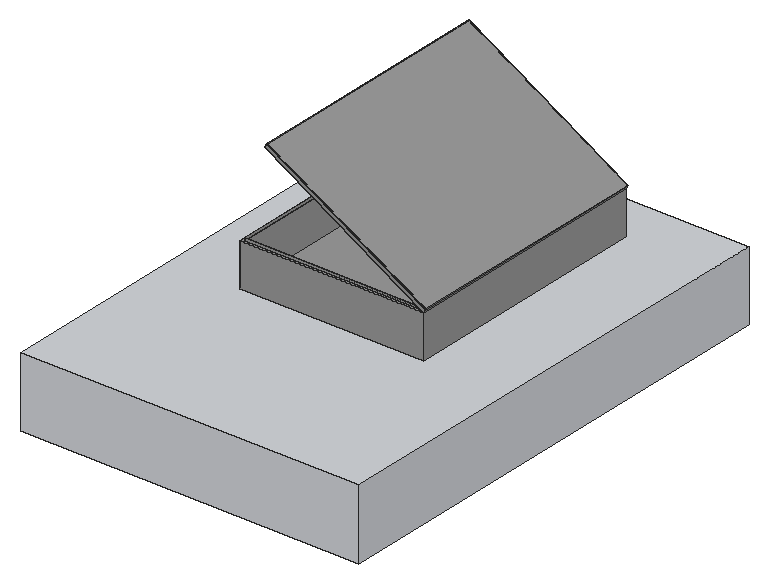
Revit family "Hager-Univers-IP44-D205-H1100-Cl.II-Encl-CH-en", category Equipement électrique, Revit 2020
Family settings
  Hôte = Face
  Configuration du panneau = Deux colonnes, circuits au sein
  Cote de connecteur circulaire = Utiliser le diamètre
  Type d'élément = Tableau de raccordement
  Couper avec des vides une fois chargée = Non
  Partagée = Non
  Point de calcul de pièce = Non
Parameters (values of type "Surface mounted (plaster) IP44 W800 H1100 D205  - FP73QS")
  Width Control [instance] = if([EF000008 - Width] > Min Width, [EF000008 - Width], Min Width)  # 800 mm
  Commentaires du type = [HG000003 - Range]  # "Univers"
  Thickness Door [instance] = if([EF009171 - Material plate thickness door/cover] > 3 mm, 3 mm, [EF009171 - Material plate thickness door/cover])  # 1 mm
  Seal Frame Offset [instance] = 17 mm  # constant formula
  Plinth Visibility [instance] = [HG000027 - Plinth height] > 0 mm  # no
  Model = ""
  Min Width [instance] = 100 mm  # constant formula
  Min Height [instance] = 100 mm  # constant formula
  Min Depth [instance] = (2 * [EF009170 - Material plate thickness cabinet]) + 1 mm  # 3 mm
  Internal Frame Depth [instance] = (Door System Depth * 0.5)  # 9 mm
  Height Control [instance] = if([EF000040 - Height] > Min Height, [EF000040 - Height], Min Height)  # 1100 mm
  HG000027 - Plinth height = 0 mm
  HG000026 - Floor standing = no
  HG000024 - Bottom section height = 800 mm
  HG000023 - Double section enclosure = no
  HG000016 - Door 3d visibility [instance] = yes
  HG000015 - Clearance visibility [instance] = no
  HG000014 - Door on the right [instance] = yes
  HG000013 - Door on the left [instance] = not([HG000014 - Door on the right])  # no
  HG000012 - Door swing angle [instance] = 30.00°
  HG000010 - Asymmetric doors = no
  HG000009 - Double swing door = no
  HG000006 - Flush mounted = no
  HG000004 - Manufacturer reference = "FP73QS"
  HG000003 - Range = "Univers"
  HG000002 - With door or cover = yes
  Frame Offset Bottom [instance] = 10 mm  # constant formula
  Frame Offset [instance] = 15 mm  # constant formula
  EF015940 - Cover with overpressure release = no
  EF011959 - Degree of protection (NEMA) = ""
  EF009554 - Number of openings for flange plates = 6
  EF009212 - Cover model = "EV000116 - Closed"
  EF009171 - Material plate thickness door/cover = 1 mm
  EF009170 - Material plate thickness cabinet = 1 mm
  Fabricant = "Hager"  # constant formula
  EF008873 - Nominal current (In) = 250 A
  EF007800 - Suitable for lightning protection = no
  EF006306 - With lock = no
  EF006244 - Transparent cover/door = no
  EF005474 - Degree of protection (IP) = "EV006418 - IP44"
  EF004464 - Type of door = "EV002646 - Single"
  EF004427 - Number of modules = 252
  EF004293 - Impact strength = "EV006815 - IK09"
  EF003532 - Suitable for outdoor use = no
  EF002950 - Width in number of modular spacings = 36
  EF001613 - Circuit integrity = "EV000494 - None"
  EF001596 - Material housing = "EV000179 - Steel"
  EF001131 - Internal depth = 143 mm
  EF001088 - Extension possible = yes
  EF000437 - Number of conduit inlets = 6
  EF000339 - Type of cover = "EV001012 - Cover"
  EF000266 - Number of rows = 7
  EF000218 - Built-in depth = 0 mm
  EF000118 - With mounting plate = no
  EF000116 - RAL-number = "9010"
  EF000049 - Depth = 205 mm
  EF000040 - Height = 1100 mm
  EF000008 - Width = 800 mm
  EF000007 - Colour = "EV000202 - White"
  EF000003 - Mounting method = "EV000384 - Surface mounted (plaster)"
  Door System Leaf Tolerance [instance] = 1.5 mm  # constant formula
  Door System Depth [instance] = 18 mm  # constant formula
  Door Height [instance] = Height Control - [HG000027 - Plinth height]  # 1100 mm
  Depth Control [instance] = if([EF000049 - Depth] > Min Depth, [EF000049 - Depth], Min Depth)  # 205 mm
  Default Elevation = 0 mm
  Connector Offset [instance] = Height Control / 2  # 550 mm
  Bottom Top Plate Trim [instance] = 1.5 mm  # constant formula
  Plinth height Ctrl [instance] = if([HG000027 - Plinth height] > 0 mm, [HG000027 - Plinth height], 12 mm)  # 12 mm
Types (5, lengths in mm): name | Width Control | HG000009 - Double swing door | HG000004 - Manufacturer reference | EF009554 - Number of openings for flange plates | EF004464 - Type of door | EF004427 - Number of modules | EF002950 - Width in number of modular spacings | EF000437 - Number of conduit inlets | EF000008 - Width
  Surface mounted (plaster) IP44 W1050 H1100 D205  - FP74QS | 1050 | yes | "FP74QS" | 8 | "EV003602 - Double" | 336 | 48 | 8 | 1050
  Surface mounted (plaster) IP44 W1300 H1100 D205  - FP75QS | 1300 | yes | "FP75QS" | 10 | "EV003602 - Double" | 420 | 60 | 10 | 1300
  Surface mounted (plaster) IP44 W300 H1100 D205  - FP71QS | 300 | no | "FP71QS" | 2 | "EV002646 - Single" | 84 | 12 | 2 | 300
  Surface mounted (plaster) IP44 W550 H1100 D205  - FP72QS | 550 | no | "FP72QS" | 4 | "EV002646 - Single" | 168 | 24 | 4 | 550
  Surface mounted (plaster) IP44 W800 H1100 D205  - FP73QS | 800 | no | "FP73QS" | 6 | "EV002646 - Single" | 252 | 36 | 6 | 800
Reference planes
  plane 1 "Center (Front/Back)": y = 0
  plane 2: z = 0
  plane 3 "Center (Left/Right)": x = 0
  plane 4: z = 205
  plane 5: y = 1
  plane 6: y = 550
  plane 7: y = 0
  plane 8: y = 1100
  plane 9: z = 0
  plane 10: x = -385
  plane 11: x = 385
  plane 12: x = 384
  plane 13: x = -384
  plane 14: y = 1099
  plane 15: x = -383
  plane 16: x = -400
  plane 17: x = 383
  plane 18: x = 400
  plane 19: x = 399
  plane 20: x = -399
  plane 21: y = 11
  plane 22: y = 1100
  plane 23: y = 1084
  plane 24: z = 187
  plane 25: z = 1
  plane 26: z = 186
  plane 27: z = 204
Forms (mm)
  Extrusion 1, solid
    sketch origin (0, 0, 0) x (1, 0, 0) y (0, 1, 0)
      loop
        line (-702.964, 1305) -> (-702.964, -811.445) -> (766.763, -811.445) -> (766.763, 1305) -> (-702.964, 1305)
    from 0 to -304.8
  Extrusion 2, solid, material "Hager_Steel_RAL7035_Light_Grey", visible <- "Plinth Visibility", detail levels medium+fine
    sketch origin (0, 0, 0) x (1, 0, 0) y (0, 1, 0)
      loop
        line (-400, 0) -> (400, 0) -> (400, 12) -> (-400, 12) -> (-400, 0)
    from 0 to 187
  Extrusion 3, solid, material "Hager_Steel_RAL7035_Light_Grey", detail levels medium+fine
    sketch origin (0, 0, 0) x (1, 0, 0) y (0, 1, 0)
      loop
        line (-400, 0) -> (400, 0) -> (400, 1100) -> (-400, 1100) -> (-400, 0)
    from 0 to 187
  Extrusion 4, void
    sketch origin (0, 0, 0) x (1, 0, 0) y (0, 1, 0)
      loop
        line (-399, 1) -> (399, 1) -> (399, 1099) -> (-399, 1099) -> (-399, 1)
    from 1 to 186
  Extrusion 5, void
    sketch origin (-381.607, -4572, 187) x (0, -1, 0) y (-1, 0, 0)
      loop
        line (-4583, 2.393) -> (-5656, 2.393) -> (-5656, -765.607) -> (-4583, -765.607) -> (-4583, 2.393)
    from 0 to 1 <- "EF009170 - Material plate thickness cabinet"
  Extrusion 6, solid, material "Hager_Steel_RAL7035_Light_Grey", detail levels fine
    sketch origin (0, 0, 187) x (1, 0, 0) y (0, 1, 0)
      loop
        line (-384, 1084) -> (-384, 11) -> (384, 11) -> (384, 1084) -> (-384, 1084)
      loop
        line (-385, 10) -> (385, 10) -> (385, 1085) -> (-385, 1085) -> (-385, 10)
    from 0 to 9 <- "Internal Frame Depth"
  Extrusion 7, solid, material "Hager_Steel_RAL7035_Light_Grey", detail levels coarse
    sketch origin (0, 0, 0) x (1, 0, 0) y (0, 1, 0)
      loop
        line (-400, 0) -> (400, 0) -> (400, 1100) -> (-400, 1100) -> (-400, 0)
    from 0 to 205
  Sweep 8, void
    path in 3D
      loop
        line (-400, 12, 0) -> (400, 12, 0) -> (400, 12, 187) -> (-400, 12, 187) -> (-400, 12, 0)
    profile origin (-400, 12, 93.5) x (-1, 0, 0) y (0, -1, 0)
      loop
        line (0, 0) -> (0, 1.5) -> (-1.5, 1.5)
        arc (-1.5, 1.5) -> (-1.061, 0.439) -> (0, 0) r 1.5
Cuts and joins
  Extrusion 4, Extrusion 5 cuts Extrusion 3
  Sweep 8 cuts Extrusion 2
Lines and regions (mm)
  Masking region 1
    outline origin (0, 0, 0) x (1, 0, 0) y (0, 0, 1)
      loop
        line (-400, 205) -> (-400, 0) -> (400, 0) -> (400, 205) -> (-400, 205)
  Masking region 2, detail levels medium+fine
    outline origin (0, 140, 0) x (0, 1, 0) y (0, 0, 1)
      loop
        line (-140, 0) -> (960, 0) -> (960, 187) -> (-140, 187) -> (-140, 0)
  Masking region 3, not visible, detail levels medium+fine
    outline origin (0, 297.922, 0) x (0, 1, 0) y (0, 0, 1)
      loop
        line (263.578, 0) -> (303.578, 0) -> (303.578, 194)
        arc (303.578, 194) -> (300.649, 201.071) -> (293.578, 204) r 10
        line (293.578, 204) -> (263.578, 204) -> (263.578, 0)
  Masking region 4, detail levels coarse
    outline origin (0, 0, 180) x (0, 1, 0) y (0, 0, 1)
      loop
        line (0, -180) -> (1100, -180) -> (1100, 25) -> (0, 25) -> (0, -180)
  Masking region 5, visible <- "Plinth Visibility", detail levels medium+fine
    outline origin (0, 52.24, 12.345) x (0, 0, -1) y (0, 1, 0)
      loop
        line (10.845, -40.24) -> (-173.155, -40.24)
        arc (-173.155, -40.24) -> (-173.594, -41.301) -> (-174.655, -41.74) r 1.5
        line (-174.655, -41.74) -> (-174.655, -52.24) -> (12.345, -52.24) -> (12.345, -41.74)
        arc (12.345, -41.74) -> (11.285, -41.301) -> (10.845, -40.24) r 1.5
  Masking region 6, detail levels medium+fine
    outline origin (-381.607, -4572, 187) x (-1, 0, 0) y (0, -1, 0)
      loop
        line (18.393, -5672) -> (18.393, -4572) -> (-781.607, -4572) -> (-781.607, -5672) -> (18.393, -5672)
  Masking region 7, visible <- "Plinth Visibility", detail levels medium+fine
    outline origin (-381.607, -4727, 187) x (-1, 0, 0) y (0, -1, 0)
      loop
        arc (16.893, -4739) -> (17.332, -4737.939) -> (18.393, -4737.5) r 1.5
        line (18.393, -4737.5) -> (18.393, -4727) -> (-781.607, -4727) -> (-781.607, -4737.5)
        arc (-781.607, -4737.5) -> (-780.546, -4737.939) -> (-780.107, -4739) r 1.5
        line (-780.107, -4739) -> (16.893, -4739)
  Masking region 8, detail levels coarse
    outline origin (-442.548, -4669.526, 187) x (-1, 0, 0) y (0, -1, 0)
      loop
        line (-42.548, -5769.526) -> (-42.548, -4669.526) -> (-842.548, -4669.526) -> (-842.548, -5769.526) -> (-42.548, -5769.526)
  sketch lines
    curve 1: line (-400, 12, 187) -> (-400, 12, 0)
    curve 2: line (400, 12, 187) -> (-400, 12, 187)
    curve 3: line (400, 12, 187) -> (400, 12, 0)
    curve 4: line (-400, 12, 0) -> (400, 12, 0)
Dimensions and locks
  "Depth Control": plane 4 to Extrusion 1
  "HG000027 - Plinth height": plane 1 "Center (Front/Back)" to plane 7
  "EF009170 - Material plate thickness cabinet": plane 5 to plane 7
  locked: connector elem to plane 3 "Center (Left/Right)"
  equal spacing: plane 8, plane 6, plane 7
  locked: connector elem to plane 6
  "EF009170 - Material plate thickness cabinet": plane 8 to plane 14
  "EF009170 - Material plate thickness cabinet": plane 10 to plane 13
  "EF009170 - Material plate thickness cabinet": plane 12 to plane 11
  "Frame Offset": plane 20 to plane 13
  "Frame Offset": plane 12 to plane 19
  "EF009170 - Material plate thickness cabinet": plane 16 to plane 20
  "EF009170 - Material plate thickness cabinet": plane 19 to plane 18
  "Seal Frame Offset": plane 16 to plane 15
  "Seal Frame Offset": plane 17 to plane 18
  "Frame Offset Bottom": plane 21 to plane 5
  "Frame Offset": plane 14 to plane 23
  equal spacing: plane 16, plane 3 "Center (Left/Right)", plane 18
  "Width Control": plane 16 to plane 18
  "EF009170 - Material plate thickness cabinet": plane 4 to plane 27
  "EF009170 - Material plate thickness cabinet": plane 24 to plane 26
  "EF009170 - Material plate thickness cabinet": plane 25 to level
  "Door System Depth": plane 4 to plane 24
  "Height Control": plane 1 "Center (Front/Back)" to Extrusion 7 sketch curve
  "Height Control": Masking region 4 sketch curve to plane 1 "Center (Front/Back)"
  "Height Control": plane 1 "Center (Front/Back)" to plane 22
  "Bottom Top Plate Trim": profile plane to Sweep 8 sketch curve
  "Bottom Top Plate Trim": Sweep 8 sketch curve to profile plane
  "Plinth height Ctrl": plane 1 "Center (Front/Back)" to Extrusion 2 sketch curve
  "Plinth height Ctrl": Masking region 5 sketch curve to plane 1 "Center (Front/Back)"
  "Plinth height Ctrl": plane 1 "Center (Front/Back)" to Masking region 7 sketch curve
  "Thickness Door": Extrusion 6 sketch curve to Extrusion 6 sketch curve  (x3)
  "Thickness Door": cut or joined group of Extrusion 3, Extrusion 4, Extrusion 5 to Extrusion 6 sketch curve
  radius of Masking region 3 sketch curve = 10 mm
  "Bottom Top Plate Trim": radius of Masking region 5 sketch curve  (x2)
  "Bottom Top Plate Trim": radius of Sweep 8 sketch curve
  "Bottom Top Plate Trim": radius of Masking region 7 sketch curve  (x2)
  aligned and locked: plane 2 to Extrusion 1
  aligned and locked: level to Extrusion 1
  aligned and locked: level to Masking region 1 sketch curve
  aligned and locked: Masking region 1 sketch curve to plane 18
  aligned and locked: Masking region 1 sketch curve to plane 16
  aligned and locked: plane 7 to Masking region 2 sketch curve
  aligned and locked: level to Masking region 3 sketch curve
  aligned and locked: Masking region 3 sketch curve to plane 27
  aligned and locked: level to Masking region 2 sketch curve
  aligned and locked: plane 1 "Center (Front/Back)" to Extrusion 2 sketch curve
  aligned and locked: Extrusion 3 sketch curve to plane 7
  aligned and locked: plane 16 to Extrusion 3 sketch curve
  aligned and locked: plane 18 to Extrusion 3 sketch curve
  aligned and locked: plane 20 to Extrusion 4 sketch curve
  aligned and locked: plane 19 to Extrusion 4 sketch curve
  aligned and locked: Extrusion 4 sketch curve to plane 5
  aligned and locked: Extrusion 4 to plane 25
  aligned and locked: plane 26 to Extrusion 4
  aligned and locked: plane 24 to Extrusion 3
  aligned and locked: Extrusion 5 sketch curve to plane 21
  aligned and locked: Extrusion 5 sketch curve to plane 13
  aligned and locked: Extrusion 5 sketch curve to plane 12
  aligned and locked: plane 18 to Extrusion 7 sketch curve
  aligned and locked: plane 1 "Center (Front/Back)" to Extrusion 7 sketch curve
  aligned and locked: plane 16 to Extrusion 7 sketch curve
  aligned and locked: plane 4 to Extrusion 7
  aligned and locked: Extrusion 7 to level
  aligned and locked: level to Masking region 4 sketch curve
  aligned and locked: Masking region 4 sketch curve to plane 1 "Center (Front/Back)"
  aligned and locked: Masking region 4 sketch curve to plane 4
  aligned and locked: nested 1 to level
  aligned and locked: nested 1 to plane 16
  aligned and locked: plane 8 to Extrusion 3 sketch curve
  aligned and locked: plane 23 to Extrusion 5 sketch curve
  aligned and locked: plane 14 to Extrusion 4 sketch curve
  aligned and locked: Masking region 2 sketch curve to plane 8
  aligned and locked: level to Masking region 5 sketch curve
  aligned and locked: plane 16 to Extrusion 2 sketch curve
  aligned and locked: plane 18 to Extrusion 2 sketch curve
  aligned and locked: Masking region 5 sketch curve to plane 24
  aligned and locked: Masking region 2 sketch curve to plane 24
  aligned and locked: plane 24 to Extrusion 2
  aligned and locked: profile plane to Sweep 8 sketch curve  (x2)
  aligned and locked: Masking region 6 sketch curve to plane 18
  aligned and locked: Masking region 6 sketch curve to plane 22
  aligned and locked: Masking region 6 sketch curve to plane 16
  aligned and locked: plane 8 to plane 22
  aligned and locked: Masking region 6 sketch curve to plane 7
  aligned and locked: Masking region 7 sketch curve to plane 16
  aligned and locked: Masking region 7 sketch curve to plane 1 "Center (Front/Back)"
  aligned and locked: Masking region 7 sketch curve to plane 18
  aligned and locked: Masking region 8 sketch curve to plane 1 "Center (Front/Back)"
  aligned and locked: Masking region 8 sketch curve to plane 18
  aligned and locked: Masking region 8 sketch curve to plane 22
  aligned and locked: Masking region 8 sketch curve to plane 16
  aligned and locked: nested 2 to plane 7
  aligned and locked: plane 3 "Center (Left/Right)" to nested 2
  aligned and locked: nested 2 to plane 24
  aligned and locked: Extrusion 6 sketch curve to cut or joined group of Extrusion 3, Extrusion 4, Extrusion 5  (x4)
Automatic sketch dimensions
  Extrusion 1 sketch curve to Extrusion 1 sketch curve = 1469.727 mm
  Extrusion 1 sketch curve to Extrusion 1 sketch curve = 2116.445 mm
  Masking region 1 sketch curve to plane 4 = 0 mm
  plane 6 to Masking region 3 sketch curve = 11.5 mm
  Masking region 3 sketch curve to Masking region 3 sketch curve = 30 mm
  Masking region 5 sketch curve to plane 1 "Center (Front/Back)" = 0 mm
Nested families
  nested 1: "Hager_Enclosure_Symbol" at (-400, 0, 0) x (1, 0, 0) z (0, -1, 0), Height <- "Depth Control", Width <- "Width Control", type "Hager_Enclosure_Symbol"
    with Width_Ctrl 800 mm, Width 800 mm, Height_Ctrl 205 mm, Height 205 mm, A_Width_Int 13.453 mm, A_Width 161.438 mm, A_Height_Ctrl 179.375 mm, A_Height 179.375 mm
  nested 2: "EC000058_Univers_Door" at (0, 0, 187) x (1, 0, 0) z (0, 1, 0), Leaf_Tolerance <- "Door System Leaf Tolerance", Angle <- "HG000012 - Door swing angle", Door_Depth <- "Door System Depth", Door_Left <- "HG000013 - Door on the left", Transparent <- "EF006244 - Transparent cover/door", Assymetrical <- "HG000010 - Asymmetric doors", Width <- "Width Control", Clearance <- "HG000015 - Clearance visibility", Double <- "HG000009 - Double swing door", 3d_Door <- "HG000016 - Door 3d visibility", Lock_Visibility <- "EF006306 - With lock", Width_Ctrl <- "Width Control", Door_Right <- "HG000014 - Door on the right", Door <- "HG000002 - With door or cover", Height <- "Door Height", Thickness <- "Thickness Door", type "EC000058_Univers_Door", detail levels medium+fine
    with min_wh 3 mm, Width_Ctrl 800 mm, Width 800 mm, Transparent no, Thickness 1 mm, Seal_Material Hager_Rubber, Lock_Visibility no, Lock_Material Hager_Plastic_RAL9005_Jet_Black, Leaf_Width 800 mm, Leaf_Tolerance_External_Sides 0 mm, Leaf_Tolerance 1.5 mm, Leaf_Offset 0 mm, Leaf_Height 1097 mm, Leaf_2_Width 800 mm, Leaf_2_Offset 400 mm, Leaf_1_Width 800 mm, Leaf_1_Offset 400 mm, Height_Ctrl 1100 mm, Height 1100 mm, Glass_Material Hager_Glass, Double_Clearance_Ctrl no, Double no, Door_Right_Ctrl yes, Door_Right yes, Door_Material Hager_Steel_RAL7035_Light_Grey, Door_Left_Ctrl no, Door_Left no, Door_Depth 18 mm, Door yes, Clearance_Material Hager_Clearance, Clearance_Depth 800 mm, Clearance_Ctrl no, Clearance no, Assymetrical no, Angle 30.00°, 3d_Door yes
Connectors
  electrical at (0, 550, 0)
    settings: on plane 9, index 1, voltage 0 V, apparent load 0 VA, apparent load phase1 0 VA, apparent load phase2 0 VA, apparent load phase3 0 VA, power factor 1, load classification "Other", number of poles 1, system type 30, power factor state 1, is connector primary yes, connector utility no, sub classification motor no, connector description ""
Definition of nested family "EC000058_Univers_Door"
  Parameters (values of type "EC000058_Univers_Door")
    min_wh [instance] = (2 * Thickness) + 1 mm  # 11 mm
    Width_Ctrl [instance] = 400 mm
    Width [instance] = 500 mm
    Transparent [instance] = yes
    Thickness [instance] = 5 mm
    Seal_Material [instance] = none
    Lock_Visibility [instance] = yes
    Lock_Material [instance] = none
    Leaf_Width [instance] = if((Width_Ctrl - 2 * Leaf_Tolerance_External_Sides) > 0 mm, (Width_Ctrl - 2 * Leaf_Tolerance_External_Sides), min_wh)  # 400 mm
    Leaf_Tolerance_External_Sides [instance] = 0 mm  # constant formula
    Leaf_Tolerance [instance] = 1.5 mm
    Leaf_Offset [instance] = 0 mm  # constant formula
    Leaf_Height [instance] = if((Height_Ctrl - 2 * Leaf_Tolerance) > 0 mm, (Height_Ctrl - 2 * Leaf_Tolerance), min_wh)  # 497 mm
    Leaf_2_Width [instance] = if(and(and(Double, Assymetrical), Door_Left), (Leaf_Width / 3) - (Leaf_Tolerance / 2), if(and(and(Double, Assymetrical), Door_Right), (Leaf_Width / 3) * 2 - (Leaf_Tolerance / 2), if(and(Double, not(Assymetrical)), (Leaf_Width / 2) - Leaf_Tolerance, Leaf_Width)))  # 400 mm
    Leaf_2_Offset [instance] = if(and(Double, Assymetrical), Leaf_2_Width / 2, if(and(Double, not(Assymetrical)), Leaf_Width / 4, Leaf_Width / 2))  # 200 mm
    Leaf_1_Width [instance] = if(and(and(Double, Assymetrical), Door_Right), (Leaf_Width / 3) - (Leaf_Tolerance / 2), if(and(and(Double, Assymetrical), Door_Left), (Width / 3) * 2 - (Leaf_Tolerance / 2), if(and(Double, not(Assymetrical)), (Leaf_Width / 2) - Leaf_Tolerance, Leaf_Width)))  # 400 mm
    Leaf_1_Offset [instance] = if(and(Double, Assymetrical), Leaf_1_Width / 2, if(and(Double, not(Assymetrical)), Leaf_Width / 4, Leaf_Width / 2))  # 200 mm
    Height_Ctrl [instance] = if(Height > min_wh, Height, min_wh)  # 500 mm
    Height [instance] = 500 mm
    Glass_Material [instance] = none
    Double_Clearance_Ctrl [instance] = and(Double, Clearance)  # no
    Double [instance] = no
    Door_Right_Ctrl [instance] = and(or(Door_Right, Double), Door)  # yes
    Door_Right [instance] = yes
    Door_Material [instance] = none
    Door_Left_Ctrl [instance] = and(or(Door_Left, Double), Door)  # no
    Door_Left [instance] = no
    Door_Depth [instance] = 30 mm
    Door [instance] = yes
    Default Elevation = 1219.2 mm
    Clearance_Material [instance] = none
    Clearance_Depth [instance] = if(Leaf_1_Width > Leaf_2_Width, Leaf_1_Width, Leaf_2_Width)  # 400 mm
    Clearance_Ctrl [instance] = and(not(Double), Clearance)  # yes
    Clearance [instance] = yes
    Assymetrical [instance] = yes
    Angle [instance] = 30.00°
    3d_Door [instance] = yes
  Reference planes
    plane 1 "Center (Front/Back)": y = 0
    plane 2 "Bottom": z = 0
    plane 3 "Center (Left/Right)": x = 0
    plane 4: z = 500
    plane 5: x = -200
    plane 6: x = 200
    plane 7: z = 500
    plane 8: x = -200
    plane 9: z = 0
    plane 10: x = 200
    plane 11: y = 0
    plane 12: z = 1.5
    plane 13: x = -600
    plane 14: y = -400
    plane 15: x = 600
    plane 16: x = 0
    plane 17: x = 0
    plane 18: x = -200
    plane 19: x = 200
    plane 20: z = 498.5
  Forms (mm)
    Extrusion 1, solid, material <- "Clearance_Material", visible <- "Double_Clearance_Ctrl"
      sketch origin (1200, 0, 0) x (1, 0, 0) y (0, 0, -1)
        loop
          line (-1800, -498.5) -> (-600, -498.5) -> (-600, 0) -> (-1800, 0) -> (-1800, -498.5)
      from 0 to -400
  Dimensions and locks
    equal spacing: plane 5, plane 3 "Center (Left/Right)", plane 6
    "Width_Ctrl": plane 5 to plane 6
    "Leaf_Offset": plane 5 to plane 8
    "Leaf_Offset": plane 6 to plane 10
    "Leaf_Offset": plane 9 to level
    "Leaf_Offset": plane 4 to plane 7
    "Height_Ctrl": plane 4 to level
    "Leaf_Tolerance": plane 12 to plane 9
    locked: plane 11 to plane 1 "Center (Front/Back)"
    "Leaf_1_Offset": plane 18 to plane 16
    "Leaf_2_Offset": plane 17 to plane 19
    "Leaf_1_Width": plane 13 to plane 8
    "Leaf_2_Width": plane 10 to plane 15
    "Clearance_Depth": plane 14 to plane 1 "Center (Front/Back)"
    "Leaf_Tolerance_External_Sides": plane 8 to plane 18
    "Leaf_Tolerance_External_Sides": plane 19 to plane 10
    "Leaf_Tolerance": plane 7 to plane 20
    aligned and locked: level to plane 2 "Bottom"
    aligned and locked: nested 1 to plane 16
    aligned and locked: nested 2 to plane 17
    aligned and locked: Extrusion 1 to plane 13
    aligned and locked: plane 15 to Extrusion 1
    aligned and locked: Extrusion 1 to plane 14
    aligned and locked: plane 12 to nested 1
    aligned and locked: nested 2 to plane 12
    aligned and locked: Extrusion 1 to plane 11
    aligned and locked: plane 20 to Extrusion 1
    aligned and locked: nested 2 to plane 11
    aligned and locked: nested 1 to plane 11
  Automatic sketch dimensions
    Extrusion 1 sketch curve to level = 0 mm
    plane 5 to Extrusion 1 sketch curve = 400 mm
    plane 6 to Extrusion 1 sketch curve = 400 mm
    Extrusion 1 sketch curve to plane 4 = 1.5 mm
  Nested families
    nested 1: "EC000058_Univers_Door_Leaf" at (0, 0, 1.5), Width <- "Leaf_1_Width", visible <- "Door_Left_Ctrl", Leaf_Height <- "Leaf_Height", Angle <- "Angle", 3d_Door <- "3d_Door", Transparent <- "Transparent", Clearance Material <- "Clearance_Material", Clearance <- "Clearance_Ctrl", Door_Material <- "Door_Material", Glass_Material <- "Glass_Material", Door_Depth <- "Door_Depth", Lock_Material <- "Lock_Material", Seal_Material <- "Seal_Material", Lock_Visibility <- "Lock_Visibility", Thickness <- "Thickness", type "EC000058_Univers_Door_Leaf"
      with Width 400 mm, Transparent_Glass_Offset 30 mm, Transparent_Ctrl yes, Transparent yes, Thickness 5 mm, Standard no, Seal_Material none, Seal_D2 8 mm, Seal_D1 1 mm, Offset_Internal_Frame 10 mm, Lock_Width 20 mm, Lock_Visibility_3d yes, Lock_Visibility yes, Lock_Thickness_3 3 mm, Lock_Thickness_2 1 mm, Lock_Thickness_1 3 mm, Lock_Radius_Offset_2 16 mm, Lock_Radius_Offset_1 15 mm, Lock_Radius_2 5 mm, Lock_Radius 6 mm, Lock_Offset 5 mm, Lock_Material none, Lock_Height 80 mm, Lock_Cover_Top_Offset_2d 17 mm, Lock_Cover_Height -65 mm, Leaf_Height 497 mm, Internal_Seal_Thickness 8 mm, Internal_Seal_Depth_2 4.5 mm, Internal_Frame_Depth 25 mm, Glass_Thickness -1 mm, Glass_Offset -2 mm, Glass_Material none, Door_Material none, Door_Depth 30 mm, Clearance Material none, Clearance yes, Angle_Ctrl 30.00°, Angle 30.00°, 3d_Door yes
    nested 2: "EC000058_Univers_Door_Leaf" at (0, 0, 1.5) x (-1, 0, 0) z (0, 0, 1), Width <- "Leaf_2_Width", visible <- "Door_Right_Ctrl", Leaf_Height <- "Leaf_Height", Angle <- "Angle", 3d_Door <- "3d_Door", Transparent <- "Transparent", Clearance Material <- "Clearance_Material", Clearance <- "Clearance_Ctrl", Door_Material <- "Door_Material", Glass_Material <- "Glass_Material", Door_Depth <- "Door_Depth", Lock_Material <- "Lock_Material", Seal_Material <- "Seal_Material", Lock_Visibility <- "Lock_Visibility", Thickness <- "Thickness", type "EC000058_Univers_Door_Leaf"
      with Width 400 mm, Transparent_Glass_Offset 30 mm, Transparent_Ctrl yes, Transparent yes, Thickness 5 mm, Standard no, Seal_Material none, Seal_D2 8 mm, Seal_D1 1 mm, Offset_Internal_Frame 10 mm, Lock_Width 20 mm, Lock_Visibility_3d yes, Lock_Visibility yes, Lock_Thickness_3 3 mm, Lock_Thickness_2 1 mm, Lock_Thickness_1 3 mm, Lock_Radius_Offset_2 16 mm, Lock_Radius_Offset_1 15 mm, Lock_Radius_2 5 mm, Lock_Radius 6 mm, Lock_Offset 5 mm, Lock_Material none, Lock_Height 80 mm, Lock_Cover_Top_Offset_2d 17 mm, Lock_Cover_Height -65 mm, Leaf_Height 497 mm, Internal_Seal_Thickness 8 mm, Internal_Seal_Depth_2 4.5 mm, Internal_Frame_Depth 25 mm, Glass_Thickness -1 mm, Glass_Offset -2 mm, Glass_Material none, Door_Material none, Door_Depth 30 mm, Clearance Material none, Clearance yes, Angle_Ctrl 30.00°, Angle 30.00°, 3d_Door yes
  Definition of nested family "EC000058_Univers_Door_Leaf"
    Parameters (values of type "EC000058_Univers_Door_Leaf")
      Width [instance] = 2000 mm
      Transparent_Glass_Offset [instance] = 30 mm
      Transparent_Ctrl [instance] = and(Transparent, [3d_Door])  # yes
      Transparent [instance] = yes
      Thickness [instance] = 5 mm
      Standard [instance] = and(not(Transparent), [3d_Door])  # no
      Seal_Material [instance] = none
      Seal_D2 [instance] = 8 mm  # constant formula
      Seal_D1 [instance] = 1 mm  # constant formula
      Offset_Internal_Frame [instance] = 10 mm  # constant formula
      Lock_Width [instance] = 20 mm  # constant formula
      Lock_Visibility_3d [instance] = and(Lock_Visibility, [3d_Door])  # yes
      Lock_Visibility [instance] = yes
      Lock_Thickness_3 [instance] = 3 mm  # constant formula
      Lock_Thickness_2 [instance] = 1 mm  # constant formula
      Lock_Thickness_1 [instance] = 3 mm  # constant formula
      Lock_Radius_Offset_2 [instance] = Lock_Radius_Offset_1 + 1 mm  # 16 mm
      Lock_Radius_Offset_1 [instance] = 15 mm  # constant formula
      Lock_Radius_2 [instance] = Lock_Radius - 1 mm  # 5 mm
      Lock_Radius [instance] = 6 mm  # constant formula
      Lock_Offset [instance] = 5 mm  # constant formula
      Lock_Material [instance] = none
      Lock_Height [instance] = 80 mm  # constant formula
      Lock_Cover_Top_Offset_2d [instance] = Lock_Radius_Offset_2 + 1 mm  # 17 mm
      Lock_Cover_Height [instance] = -(Lock_Height - Lock_Radius_Offset_1)  # -65 mm
      Leaf_Height [instance] = 2720.336 mm
      Internal_Seal_Thickness [instance] = 8 mm  # constant formula
      Internal_Seal_Depth_2 [instance] = 4.5 mm  # constant formula
      Internal_Frame_Depth [instance] = if(Door_Depth - Thickness > 5 mm, Door_Depth - Thickness, 5 mm)  # 25 mm
      Glass_Thickness [instance] = if(Thickness > 15 mm, Glass_Offset + 10 mm, -1 mm)  # -1 mm
      Glass_Offset [instance] = if(Thickness > 15 mm, -(Thickness + 10 mm) / 2, -2 mm)  # -2 mm
      Glass_Material [instance] = none
      Door_Material [instance] = none
      Door_Depth [instance] = 30 mm
      Default Elevation = 0 mm
      Clearance Material [instance] = none
      Clearance [instance] = yes
      Angle_Ctrl [instance] = if(Angle > 180.00°, 180.00°, Angle)  # 90.00°
      Angle [instance] = 90.00°
      3d_Door [instance] = yes
    Reference planes
      plane 1 "Center (Front/Back)": y = 0
      plane 2: z = 0
      plane 3 "Center (Left/Right)": x = 0
      plane 4: y = 2000
      plane 5: x = -1000
      plane 6: x = 1000
      plane 7: x = -3000
      plane 8: z = 2720.336
      plane 9: z = 30
      plane 10: z = 2690.336
      plane 11: x = 970
      plane 12: x = -970
      plane 13: y = -3
      plane 14: z = 107.833
      plane 15: y = -5
      plane 16: y = -223.314
      plane 17: x = -1000
      plane 18: z = 1360.168
      plane 19: y = 30
    Forms (mm)
      Extrusion 1, solid, material <- "Clearance Material", visible <- "Clearance"
        sketch origin (0, 0, 0) x (1, 0, 0) y (0, 0, 1)
          loop
            line (-3000, 2720.336) -> (-3000, 0) -> (1000, 0) -> (1000, 2720.336) -> (-3000, 2720.336)
        from 0 to -2000
      Extrusion 2, solid, material <- "Door_Material", visible <- "Standard", detail levels medium+fine
        sketch origin (-1000, 0, 0) x (0, 1, 0) y (-1, 0, 0)
          loop
            line (0, 30) -> (0, 25) -> (2000, 25) -> (2000, 30) -> (0, 30)
        from 0 to 2720.336 <- "Leaf_Height"
      Extrusion 3, solid, material <- "Door_Material", visible <- "Transparent_Ctrl", detail levels medium+fine
        sketch origin (-1000, 0, 0) x (0, 1, 0) y (-1, 0, 0)
          loop
            line (0, 25) -> (2000, 25) -> (2000, 30) -> (0, 30) -> (0, 25)
        from 0 to 2720.336 <- "Leaf_Height"
      Extrusion 4, void
        sketch origin (-1025, 2000, 0) x (0, 1, 0) y (0, 0, -1)
          loop
            line (-30, -2690.336) -> (-30, -30) -> (-1970, -30) -> (-1970, -2690.336) -> (-30, -2690.336)
        from 0 to 5 <- "Thickness"
      Sweep 5, solid, material <- "Seal_Material", visible <- "Transparent_Ctrl", detail levels fine
        path in 3D
          loop
            line (-1025, 30, 30) -> (-1025, 30, 2690.336) -> (-1025, 1970, 2690.336) -> (-1025, 1970, 30) -> (-1025, 30, 30)
        profile origin (-1025, 1000, 30) x (1, 0, 0) y (0, 0, 1)
          loop
            line (0, 0) -> (0, -8) -> (1, -8) -> (1, 0) -> (0, 0)
      Extrusion 6, solid, material <- "Glass_Material", visible <- "Transparent_Ctrl", detail levels medium+fine
        sketch origin (-1030, 0, 0) x (0, 1, 0) y (0, 0, -1)
          loop
            line (1970, -2690.336) -> (1970, -30) -> (30, -30) -> (30, -2690.336) -> (1970, -2690.336)
        from -2 <- "Glass_Offset" to -1 <- "Glass_Thickness"
      Extrusion 7, solid, material <- "Door_Material", visible <- "3d_Door", detail levels medium+fine
        sketch origin (-1025, 2000, 0) x (0, -1, 0) y (0, 0, -1)
          loop
            line (0, -2720.336) -> (2000, -2720.336) -> (2000, 0) -> (0, 0) -> (0, -2720.336)
          loop
            line (1995, -5) -> (5, -5) -> (5, -2715.336) -> (1995, -2715.336) -> (1995, -5)
        from 0 to 25 <- "Internal_Frame_Depth"
      Sweep 8, solid, material <- "Seal_Material", visible <- "Transparent_Ctrl", detail levels fine
        path in 3D
          loop
            line (-1025, 0, 0) -> (-1025, 2000, 0) -> (-1025, 2000, 2720.336) -> (-1025, 0, 2720.336) -> (-1025, 0, 0)
        profile origin (-1025, 0, 1360.168) x (1, 0, 0) y (0, 1, 0)
          loop
            line (0, 10) -> (2.975, 10)
            arc (2.975, 10) -> (4.053, 10.447) -> (4.5, 11.525) r 1.525
            line (4.5, 11.525) -> (4.5, 16.527)
            arc (4.5, 16.527) -> (4.069, 17.569) -> (3.027, 18) r 1.473
            line (3.027, 18) -> (0, 18) -> (0, 10)
      Extrusion 9, solid, material <- "Lock_Material", visible <- "Lock_Visibility_3d", detail levels fine
        sketch origin (-1030, 0, 0) x (0, 1, 0) y (0, 0, -1)
          loop
            arc (1993.5, -1400.168) -> (1994.561, -1399.729) -> (1995, -1398.668) r 1.5
            line (1995, -1398.668) -> (1995, -1320.168) -> (1975, -1320.168) -> (1975, -1398.668)
            arc (1975, -1398.668) -> (1975.439, -1399.729) -> (1976.5, -1400.168) r 1.5
            line (1976.5, -1400.168) -> (1993.5, -1400.168)
        from 3 <- "Lock_Thickness_1" to 0
      Blend 10, solid, material <- "Lock_Material", visible <- "Lock_Visibility_3d", detail levels fine
        base sketch origin (-1033, 0, 0) x (0, 1, 0) y (0, 0, -1)
          loop
            line (1975, -1320.168) -> (1975, -1398.668)
            arc (1975, -1398.668) -> (1975.439, -1399.729) -> (1976.5, -1400.168) r 1.5
            line (1976.5, -1400.168) -> (1993.5, -1400.168)
            arc (1993.5, -1400.168) -> (1994.561, -1399.729) -> (1995, -1398.668) r 1.5
            line (1995, -1398.668) -> (1995, -1320.168) -> (1975, -1320.168)
        top sketch origin (-1033, 0, 0) x (0, 1, 0) y (0, 0, -1)
          loop
            line (1976, -1320.168) -> (1976, -1398.668)
            arc (1976, -1398.668) -> (1976.146, -1399.022) -> (1976.5, -1399.168) r 0.5
            line (1976.5, -1399.168) -> (1993.5, -1399.168)
            arc (1993.5, -1399.168) -> (1993.854, -1399.022) -> (1994, -1398.668) r 0.5
            line (1994, -1398.668) -> (1994, -1320.168) -> (1976, -1320.168)
        from 0 to 1 <- "Lock_Thickness_2"
      Blend 11, solid, material <- "Lock_Material", visible <- "Lock_Visibility_3d", detail levels fine
        base sketch origin (-1034, 0, 0) x (0, 1, 0) y (0, 0, -1)
          loop
            line (1978, -1320.168) -> (1978, -1384.168)
            arc (1978, -1384.168) -> (1985, -1391.168) -> (1992, -1384.168) r 7
            line (1992, -1384.168) -> (1992, -1320.168) -> (1978, -1320.168)
        top sketch origin (-1034, 0, 0) x (0, 1, 0) y (0, 0, -1)
          loop
            line (1991, -1320.168) -> (1979, -1320.168) -> (1979, -1383.168)
            arc (1979, -1383.168) -> (1985, -1389.168) -> (1991, -1383.168) r 6
            line (1991, -1383.168) -> (1991, -1320.168)
        from 0 to 3 <- "Lock_Thickness_3"
      Extrusion 12, solid, material <- "Lock_Material", visible <- "Lock_Visibility_3d", detail levels fine
        sketch origin (-1030, 1975, 1320.168) x (1, 0, 0) y (0, -1, 0)
          loop
            line (-7, -19) -> (-7, -1) -> (0, -1) -> (0, 0) -> (-8, 0) -> (-8, -20) -> (0, -20) -> (0, -19) -> (-7, -19)
        from 0 to -65 <- "Lock_Cover_Height"
      Extrusion 13, void
        sketch origin (-1038, 1995, 1320.168) x (-1, 0, 0) y (0, 0, -1)
          loop
            line (-5, -65) -> (0, -65) -> (-5, -60) -> (-5, -65)
        from 0 to 20 <- "Lock_Width"
      Extrusion 14, void
        sketch origin (-1038, 1975, 1320.168) x (0, -1, 0) y (0, 0, -1)
          loop
            circle (-10, -15.995) r 6
          loop
            circle (-10, -15.995) r 5
        from 0 to 2
      Extrusion 15, solid, material <- "Lock_Material", visible <- "Lock_Visibility_3d", detail levels medium
        sketch origin (-1030, 0, 0) x (0, 1, 0) y (0, 0, -1)
          loop
            arc (1993.5, -1400.168) -> (1994.561, -1399.729) -> (1995, -1398.668) r 1.5
            line (1995, -1398.668) -> (1995, -1320.168) -> (1975, -1320.168) -> (1975, -1398.668)
            arc (1975, -1398.668) -> (1975.439, -1399.729) -> (1976.5, -1400.168) r 1.5
            line (1976.5, -1400.168) -> (1993.5, -1400.168)
        from 8 to 0
    Cuts and joins
      Extrusion 4 cuts Extrusion 3
      Extrusion 13, Extrusion 14 cuts Extrusion 9
      Extrusion 14 cuts Blend 11
      Extrusion 13, Extrusion 14 cuts Extrusion 12
      joined: Extrusion 9, Blend 10, Blend 11, Extrusion 12
      Extrusion 14 cuts Extrusion 15
    Lines and regions (mm)
      Masking region 1, visible <- "Lock_Visibility", detail levels fine
        outline origin (0, 0, 0) x (0, 1, 0) y (0, 0, 1)
          loop
            line (30, 1320.168) -> (33, 1320.168) -> (33, 1400.168) -> (30, 1400.168) -> (30, 1320.168)
      Masking region 2, visible <- "Lock_Visibility", detail levels fine
        outline origin (0, 3.143, 0) x (0, 1, 0) y (0, 0, 1)
          loop
            line (29.857, 1354.168) -> (30.857, 1354.168) -> (30.857, 1366.168) -> (29.857, 1366.168) -> (29.857, 1354.168)
      Masking region 3, detail levels medium+fine
        outline origin (0, 0, 0) x (0, 1, 0) y (0, 0, 1)
          loop
            line (0, 0) -> (30, 0) -> (30, 2720.336) -> (0, 2720.336) -> (0, 0)
      Masking region 4, detail levels medium+fine
        outline origin (0, 0, 0) x (1, 0, 0) y (0, 0, 1)
          loop
            line (-1000, 2720.336) -> (-1000, 0) -> (1000, 0) -> (1000, 2720.336) -> (-1000, 2720.336)
      Masking region 5, visible <- "Lock_Visibility", detail levels fine
        outline origin (-47.116, 0, 0) x (1, 0, 0) y (0, 0, 1)
          loop
            arc (1024.616, 1399.168) -> (1023.556, 1398.729) -> (1023.116, 1397.668) r 1.5
            line (1023.116, 1397.668) -> (1023.116, 1320.168) -> (1041.116, 1320.168) -> (1041.116, 1397.668)
            arc (1041.116, 1397.668) -> (1040.677, 1398.729) -> (1039.616, 1399.168) r 1.5
            line (1039.616, 1399.168) -> (1024.616, 1399.168)
      Masking region 6, visible <- "Lock_Visibility", detail levels medium+fine
        outline origin (-25, 0, 0) x (1, 0, 0) y (0, 0, 1)
          loop
            arc (1001.5, 1400.168) -> (1000.439, 1399.729) -> (1000, 1398.668) r 1.5
            line (1000, 1398.668) -> (1000, 1320.168) -> (1020, 1320.168) -> (1020, 1398.668)
            arc (1020, 1398.668) -> (1019.561, 1399.729) -> (1018.5, 1400.168) r 1.5
            line (1018.5, 1400.168) -> (1001.5, 1400.168)
      Masking region 7, visible <- "Lock_Visibility", detail levels fine
        outline origin (-73.735, 0, 0) x (1, 0, 0) y (0, 0, 1)
          loop
            line (1051.735, 1382.168) -> (1065.735, 1382.168) -> (1065.735, 1384.168)
            arc (1065.735, 1384.168) -> (1058.735, 1391.168) -> (1051.735, 1384.168) r 7
            line (1051.735, 1384.168) -> (1051.735, 1382.168)
      Masking region 8, visible <- "Lock_Visibility", detail levels fine
        outline origin (-73.735, 0, 0) x (1, 0, 0) y (0, 0, 1)
          loop
            line (1052.735, 1382.168) -> (1064.735, 1382.168) -> (1064.735, 1383.168)
            arc (1064.735, 1383.168) -> (1058.735, 1389.168) -> (1052.735, 1383.168) r 6
            line (1052.735, 1383.168) -> (1052.735, 1382.168)
      Masking region 9, visible <- "Lock_Visibility", detail levels fine
        outline origin (-25, 0, 0) x (1, 0, 0) y (0, 0, 1)
          loop
            line (1020, 1320.168) -> (1020, 1382.168) -> (1000, 1382.168) -> (1000, 1320.168) -> (1020, 1320.168)
      Masking region 10, detail levels medium+fine
        outline origin (0, 0, 0) x (1, 0, 0) y (0, 0, 1)
          loop
            circle (985, 1335.144) r 6
      Masking region 11, detail levels fine
        outline origin (0, 0, 0) x (1, 0, 0) y (0, 0, 1)
          loop
            circle (985, 1335.144) r 5
      Masking region 12, visible <- "Lock_Visibility", detail levels fine
        outline origin (0, 12.767, 0) x (0, 1, 0) y (0, 0, 1)
          loop
            line (20.233, 1320.168) -> (21.233, 1320.168) -> (21.233, 1399.168) -> (20.233, 1400.168) -> (20.233, 1320.168)
      Masking region 13, visible <- "Lock_Visibility", detail levels fine
        outline origin (0, 13.767, -10) x (0, 1, 0) y (0, 0, 1)
          loop
            line (20.233, 1330.168) -> (23.233, 1330.168) -> (23.233, 1399.168) -> (20.233, 1402.168) -> (20.233, 1330.168)
      Masking region 14, visible <- "Lock_Visibility", detail levels fine
        outline origin (0, 12.767, -10) x (0, 1, 0) y (0, 0, 1)
          loop
            line (20.233, 1330.168) -> (25.233, 1330.168) -> (25.233, 1399.305) -> (20.233, 1394.305) -> (20.233, 1330.168)
      Masking region 15, visible <- "Lock_Visibility", detail levels medium
        outline origin (0, 0, 0) x (0, 1, 0) y (0, 0, 1)
          loop
            line (30, 1320.168) -> (38, 1320.168) -> (38, 1400.168) -> (30, 1400.168) -> (30, 1320.168)
      Masking region 16, visible <- "Lock_Visibility", detail levels fine
        outline origin (-1000, 0, 0) x (0, 1, 0) y (-1, 0, 0)
          loop
            line (1975, 30) -> (1995, 30) -> (1995, 38) -> (1975, 38) -> (1975, 30)
          loop
            line (1979, 37) -> (1976, 37) -> (1976, 34) -> (1978, 34) -> (1979, 37)
          loop
            line (1994, 37) -> (1991, 37) -> (1992, 34) -> (1994, 34) -> (1994, 37)
      Masking region 17, visible <- "Lock_Visibility", detail levels medium
        outline origin (-1000, 0, 0) x (0, 1, 0) y (-1, 0, 0)
          loop
            line (1975, 30) -> (1995, 30) -> (1995, 38) -> (1975, 38) -> (1975, 30)
      symbolic lines
        curve 1: line (1000, 0, 0) -> (-3000, 0, 0)
        curve 2: arc (1000, 0, 0) -> (-1000, 2000, 0) -> (-3000, 0, 0) r 2000
        curve 4: line (-1030, 0, 0) -> (-1030, 2000, 0)
      reference lines
        curve 3: line (-1000, 0, 0) -> (-1000, 2000, 0)
      symbolic lines, detail levels medium+fine
        curve 5: line (-1030, 2000, 0) -> (-1025, 2000, 0)
        curve 7: line (-1025, 0, 0) -> (-1030, 0, 0)
        curve 8: line (-1025, 0, 0) -> (-1000, 0, 0)
        curve 9: line (-1000, 0, 0) -> (-1000, 2000, 0)
        curve 10: line (-1000, 2000, 0) -> (-1025, 2000, 0)
      symbolic lines, detail levels fine
        curve 6: line (-1025, 2000, 0) -> (-1025, 0, 0)
      sketch lines
        curve 11: line (-1025, 0, 2720.336) -> (-1025, 0, 0)
        curve 12: line (-1025, 2000, 0) -> (-1025, 0, 0)
        curve 13: line (-1025, 2000, 2720.336) -> (-1025, 2000, 0)
        curve 14: line (-1025, 0, 2720.336) -> (-1025, 2000, 2720.336)
        curve 15: line (-1025, 1970, 30) -> (-1025, 30, 30)
        curve 16: line (-1025, 30, 30) -> (-1025, 30, 2690.336)
        curve 17: line (-1025, 1970, 2690.336) -> (-1025, 1970, 30)
        curve 18: line (-1025, 30, 2690.336) -> (-1025, 1970, 2690.336)
      symbolic lines, visible <- "Transparent", detail levels medium+fine
        curve 19: line (-970, 0, 2690.336) -> (970, 0, 2690.336)
        curve 20: line (-970, 0, 30) -> (-970, 0, 2690.336)
        curve 21: line (970, 0, 30) -> (-970, 0, 30)
        curve 22: line (970, 0, 2690.336) -> (970, 0, 30)
    Dimensions and locks
      "Width": plane 1 "Center (Front/Back)" to plane 4
      equal spacing: plane 5, plane 3 "Center (Left/Right)", plane 6
      "Width": plane 5 to plane 6
      "Width": plane 7 to plane 5
      "Leaf_Height": plane 8 to level
      "Width": curve 5 to curve 3
      "Width": curve 3 to curve 3
      plane 8 to plane 10 = 30 mm
      plane 9 to level = 30 mm
      plane 12 to plane 5 = 30 mm
      plane 6 to plane 11 = 30 mm
      Extrusion 1 to Extrusion 4 sketch curve = 30 mm
      "Transparent_Glass_Offset": curve 3 to Extrusion 4 sketch curve
      "Transparent_Glass_Offset": Extrusion 4 sketch curve to cut or joined group of Extrusion 3, Extrusion 4  (x2)
      cut or joined group of Extrusion 3, Extrusion 4 to Extrusion 6 sketch curve = 30 mm
      "Transparent_Glass_Offset": cut or joined group of Extrusion 3, Extrusion 4 to Extrusion 4 sketch curve
      "Thickness": curve 6 to curve 4
      "Thickness": Extrusion 7 sketch curve to Extrusion 7 sketch curve  (x4)
      "Door_Depth": curve 4 to curve 3
      "Offset_Internal_Frame": profile plane to Sweep 8 sketch curve
      "Internal_Seal_Thickness": Sweep 8 sketch curve to Sweep 8 sketch curve
      "Internal_Seal_Depth_2": profile plane to Sweep 8 sketch curve
      "Seal_D1": profile plane to Sweep 5 sketch curve
      "Seal_D2": profile plane to Sweep 5 sketch curve
      "Thickness": Extrusion 2 sketch curve to Extrusion 2 sketch curve
      equal spacing: Extrusion 9 sketch curve, plane 18, Extrusion 9 sketch curve  (x2)
      equal spacing: Masking region 1 sketch curve, plane 18, Masking region 1 sketch curve
      "Lock_Height": Masking region 1 sketch curve to Masking region 1 sketch curve
      "Lock_Radius": Masking region 2 sketch curve to plane 18 to Masking region 2 sketch curve
      Masking region 2 sketch curve to Masking region 1 = 1 mm
      "Door_Depth": plane 19 to plane 1 "Center (Front/Back)"
      "Lock_Thickness_1": Masking region 1 sketch curve to plane 19
      "Lock_Width": Extrusion 9 sketch curve to Extrusion 9 sketch curve
      "Lock_Height": Extrusion 9 sketch curve to Extrusion 9 sketch curve
      "Lock_Offset": cut or joined group of Extrusion 3, Extrusion 4 to Extrusion 9 sketch curve
      equal spacing: plane 8, plane 18, level
      "Lock_Radius_Offset_1": Blend 11 sketch curve to Blend 10
      locked: Blend 10 to Blend 11 sketch curve at 2  (x2)
      locked: var sketch to Blend 11 sketch curve at 1  (x2)
      "Lock_Radius_Offset_2": Blend 11 sketch curve to Blend 10
      locked: Extrusion 12 sketch curve to Extrusion 12 sketch curve at 1  (x3)
      Masking region 6 sketch curve to Masking region 6 sketch curve = 80 mm
      "Lock_Height": Masking region 6 sketch curve to Masking region 6 sketch curve
      "Lock_Width": Masking region 6 sketch curve to Masking region 6 sketch curve
      locked: Masking region 6 to Masking region 5 sketch curve at 1  (x3)
      locked: Masking region 5 to Masking region 7 sketch curve at 2  (x2)
      "Lock_Radius_Offset_1": Masking region 5 to Masking region 7 sketch curve
      "Lock_Radius_Offset_2": Masking region 5 to Masking region 8 sketch curve
      locked: Masking region 7 to Masking region 8 sketch curve at 1  (x2)
      "Lock_Cover_Top_Offset_2d": Masking region 5 to Masking region 9 sketch curve
      equal spacing: Masking region 9, Masking region 10 sketch curve, Masking region 9
      equal spacing: Masking region 9, Masking region 11 sketch curve, Masking region 9
      Extrusion 15 sketch curve to Extrusion 15 sketch curve = 80 mm
      "Lock_Width": Extrusion 15 sketch curve to Extrusion 15 sketch curve
      "Lock_Height": Extrusion 15 sketch curve to Extrusion 15 sketch curve
      equal spacing: Extrusion 15 sketch curve, plane 18, Extrusion 15 sketch curve
      "Lock_Thickness_3": Masking region 13 sketch curve to Masking region 13 sketch curve
      "Lock_Height": Masking region 12 sketch curve to Masking region 12 sketch curve
      locked: Masking region 13 sketch curve to Masking region 1 at 8
      locked: Masking region 14 sketch curve to Masking region 13 at 1
      locked: Masking region 14 sketch curve to Masking region 1 at 10.863
      "Lock_Height": Masking region 15 sketch curve to Masking region 15 sketch curve
      "Lock_Offset": Extrusion 15 sketch curve to cut or joined group of Extrusion 3, Extrusion 4
      "Lock_Offset": plane 6 to Masking region 6 sketch curve
      radius of Sweep 8 sketch curve = 1.525 mm
      radius of Sweep 8 sketch curve = 1.473 mm
      radius of Extrusion 9 sketch curve = 1.5 mm  (x2)
      "Lock_Radius": radius of Extrusion 14 sketch curve
      "Lock_Radius_2": radius of Extrusion 14 sketch curve
      "Lock_Radius": radius of Masking region 10 sketch curve
      "Lock_Radius_2": radius of Masking region 11 sketch curve
      radius of Extrusion 15 sketch curve = 1.5 mm  (x2)
      "Angle_Ctrl": angle plane 1 "Center (Front/Back)" to curve 3
      locked: Masking region 12 sketch curve to Masking region 12 sketch curve (angle 45.00°)
      locked: Masking region 13 sketch curve to Masking region 13 sketch curve (angle 45.00°)
      locked: Masking region 14 sketch curve to Masking region 14 sketch curve (angle 45.00°)
      aligned and locked: level to plane 2
      aligned and locked: Extrusion 1 to curve 1
      aligned and locked: plane 6 to Extrusion 1
      aligned and locked: Extrusion 1 to plane 1 "Center (Front/Back)"
      aligned and locked: plane 4 to Extrusion 1
      aligned and locked: plane 8 to Extrusion 1
      aligned and locked: curve 7 to Extrusion 2 sketch curve
      aligned and locked: curve 5 to Extrusion 2 sketch curve
      aligned and locked: curve 7 to Extrusion 3 sketch curve
      aligned and locked: Extrusion 3 sketch curve to curve 4
      aligned and locked: Extrusion 3 sketch curve to curve 6
      aligned and locked: Extrusion 3 sketch curve to curve 5
      aligned and locked: curve 9 to curve 3
      aligned and locked: Extrusion 7 sketch curve to cut or joined group of Extrusion 3, Extrusion 4  (x4)
      aligned and locked: plane 17 to curve 3
      aligned and locked: plane 1 "Center (Front/Back)" to curve 3
      aligned and locked: plane 17 to plane 5
      aligned and locked: Sweep 8 sketch curve to profile plane
      aligned and locked: Sweep 5 sketch curve to profile plane  (x2)
      aligned and locked: Masking region 1 to Masking region 2 sketch curve
      aligned and locked: plane 19 to Masking region 1 sketch curve
      aligned and locked: plane 1 "Center (Front/Back)" to Masking region 3 sketch curve
      aligned and locked: plane 19 to Masking region 3 sketch curve
      aligned and locked: level to Masking region 3 sketch curve
      aligned and locked: Masking region 3 sketch curve to plane 8
      aligned and locked: plane 17 to Masking region 4 sketch curve
      aligned and locked: level to Masking region 4 sketch curve
      aligned and locked: Masking region 4 sketch curve to plane 8
      aligned and locked: plane 12 to curve 20
      aligned and locked: plane 10 to curve 19
      aligned and locked: plane 11 to curve 22
      aligned and locked: curve 21 to plane 9
      aligned and locked: Extrusion 2 sketch curve to cut or joined group of Extrusion 3, Extrusion 4
      aligned and locked: Blend 10 sketch curve to Extrusion 9  (x4)
      aligned and locked: Extrusion 9 to Blend 10 sketch curve
      aligned and locked: Blend 10 to Blend 11 sketch curve
      aligned and locked: Extrusion 12 sketch curve to Blend 11
      aligned and locked: Extrusion 12 sketch curve to Extrusion 9  (x4)
      aligned and locked: Masking region 5 sketch curve to Masking region 6
      aligned and locked: Masking region 9 sketch curve to Masking region 6  (x3)
      aligned and locked: Masking region 12 sketch curve to Masking region 1
      aligned and locked: Masking region 13 sketch curve to Masking region 1
      aligned and locked: Masking region 12 to Masking region 14
      aligned and locked: Masking region 14 sketch curve to Masking region 1
      aligned and locked: Masking region 15 sketch curve to Masking region 14
      aligned and locked: Masking region 13 sketch curve to Masking region 12
      aligned and locked: Masking region 16 sketch curve to cut or joined group of Extrusion 14, Extrusion 15  (x4)
      aligned and locked: Masking region 16 sketch curve to cut or joined group of Extrusion 9, Blend 10, Blend 11, Extrusion 12, Extrusion 13, Extrusion 14  (x6)
      aligned and locked: cut or joined group of Extrusion 9, Blend 10, Blend 11, Extrusion 12, Extrusion 13, Extrusion 14 to Masking region 16 sketch curve
      aligned and locked: Masking region 17 sketch curve to cut or joined group of Extrusion 14, Extrusion 15  (x3)
      aligned and locked: Masking region 17 sketch curve to cut or joined group of Extrusion 9, Blend 10, Blend 11, Extrusion 12, Extrusion 13, Extrusion 14
      aligned and locked: Masking region 9 to Masking region 8 sketch curve
      aligned and locked: Masking region 9 to Masking region 7 sketch curve
    Automatic sketch dimensions
      plane 1 "Center (Front/Back)" to curve 2 = 0 mm
      curve 2 to plane 5 = 0 mm
      Extrusion 1 sketch curve to level = 0 mm
      Extrusion 1 sketch curve to plane 7 = 0 mm
      Extrusion 1 sketch curve to plane 6 = 0 mm
      Extrusion 1 sketch curve to plane 8 = 0 mm
      Extrusion 3 to Extrusion 6 sketch curve = 30 mm  (x4)
      Masking region 4 sketch curve to plane 6 = 0 mm
      Blend 10 sketch curve to Extrusion 9 = 1.5 mm
      Blend 10 sketch curve to Extrusion 9 = 1 mm
      Extrusion 13 sketch curve to Extrusion 12 = 0 mm  (x2)
      Extrusion 12 to Extrusion 13 sketch curve = 3 mm
      Extrusion 13 sketch curve to Extrusion 12 = 5 mm
      Extrusion 14 sketch curve to Extrusion 14 sketch curve = 0 mm  (x2)
      Extrusion 14 sketch curve to Extrusion 12 = 10 mm
      Extrusion 14 sketch curve to Extrusion 12 = 15.995 mm
      Masking region 5 sketch curve to Masking region 5 sketch curve = 1.5 mm  (x2)
      Masking region 10 sketch curve to plane 18 = 25.024 mm
      Masking region 11 sketch curve to plane 18 = 25.024 mm
      plane 19 to Masking region 14 sketch curve = 3 mm
      Masking region 16 sketch curve to Masking region 16 sketch curve = 3 mm
      curve 4 to curve 3 = 0 mm
      Blend 10 to Blend 11 sketch curve = 0 mm
      Masking region 6 sketch curve to Masking region 6 sketch curve = 1.5 mm  (x2)
      Masking region 6 sketch curve to plane 18 = 40 mm
      plane 19 to Masking region 12 sketch curve = 3 mm
      Masking region 12 sketch curve to Masking region 12 sketch curve = 1 mm
      Masking region 15 sketch curve to plane 19 = 0 mm
      Masking region 15 sketch curve to plane 18 = 40 mm
      radius of Blend 10 sketch curve to Extrusion 9 = 1 mm
Definition of nested family "Hager_Enclosure_Symbol"
  Parameters (values of type "Hager_Enclosure_Symbol")
    Width_Ctrl [instance] = if(Width > 1 mm, Width, 1 mm)  # 102.27 mm
    Width [instance] = 102.27 mm
    Height_Ctrl [instance] = if(Height > 1 mm, Height, 1 mm)  # 66.5 mm
    A_Width_Int [instance] = if(A_Width / 12 > 2 mm, A_Width / 12, 2 mm)  # 4.364 mm
    A_Width [instance] = if(A_Height_Ctrl * 0.9 > 2 mm, A_Height_Ctrl * 0.9, 2 mm)  # 52.369 mm
    A_Height_Ctrl [instance] = if(A_Height > 2 mm, A_Height, 2 mm)  # 58.188 mm
    Height [instance] = 66.5 mm
    A_Height [instance] = Height - (Height / 8)  # 58.188 mm
  Reference planes
    plane 1 "Centre (avant/arrière)": y = 0
    plane 2: z = 0
    plane 3 "Centre (gauche/droite)": x = 0
    plane 4: x = 52.369
    plane 5: y = 33.042
    plane 6: y = 41.77
    plane 7: y = 66.5
    plane 8: x = 26.184
    plane 9: y = 37.406
    plane 10: x = 102.27
    plane 11: y = 66.5
    plane 12: y = 8.313
  Lines and regions (mm)
    Filled region 1, type "Solid_Black", in view "Niveau de réf."
      outline origin (0, 0, 0) x (1, 0, 0) y (0, 1, 0)
        loop
          line (52.369, 66.5) -> (33.188, 54.536) -> (45.365, 45.006) -> (52.369, 66.5)
    Filled region 2, type "Solid_Black", in view "Niveau de réf."
      outline origin (0, 0, 0) x (1, 0, 0) y (0, 1, 0)
        loop
          line (0, 0) -> (102.27, 0) -> (102.27, 66.5) -> (0, 0)
    detail lines, in view "Niveau de réf."
      curve 1: line (0, 8.313, 0) -> (26.184, 41.77, 0)
      curve 2: line (26.184, 41.77, 0) -> (26.184, 33.042, 0)
      curve 3: line (26.184, 33.042, 0) -> (52.369, 66.5, 0)
  Dimensions and locks
    "A_Width": plane 3 "Centre (gauche/droite)" to plane 4
    equal spacing: plane 3 "Centre (gauche/droite)", plane 8, plane 4
    equal spacing: plane 6, plane 9, plane 5
    equal spacing: curve 3, Filled region 1 sketch curve, Filled region 1 sketch curve
    "Height_Ctrl": plane 1 "Centre (avant/arrière)" to plane 11
    "A_Height_Ctrl": plane 11 to plane 12
    equal spacing: plane 11, plane 9, plane 12
    "A_Width_Int": plane 6 to plane 9
    "Width_Ctrl": plane 3 "Centre (gauche/droite)" to plane 10
    angle Filled region 1 sketch curve to curve 3 = 20.00°
    angle curve 3 to Filled region 1 sketch curve = 20.00°
    locked: curve 3 to Filled region 1 sketch curve (angle 90.00°)
    aligned and locked: plane 10 to Filled region 2
    aligned and locked: plane 11 to Filled region 2 sketch curve
    aligned and locked: plane 10 to Filled region 2 sketch curve
    aligned and locked: plane 3 "Centre (gauche/droite)" to curve 1
    aligned and locked: plane 12 to curve 1
    aligned and locked: plane 7 to plane 11
  Automatic sketch dimensions
    Filled region 1 sketch curve to plane 4 = 0 mm
    Filled region 1 sketch curve to plane 7 = 0 mm
    plane 1 "Centre (avant/arrière)" to Filled region 2 sketch curve = 0 mm
    Filled region 2 sketch curve to plane 3 "Centre (gauche/droite)" = 0 mm
    curve 2 to plane 6 = 0 mm
    curve 2 to plane 8 = 0 mm
    curve 3 to plane 4 = 0 mm
    curve 2 to plane 5 = 0 mm
    curve 3 to plane 7 = 0 mm
